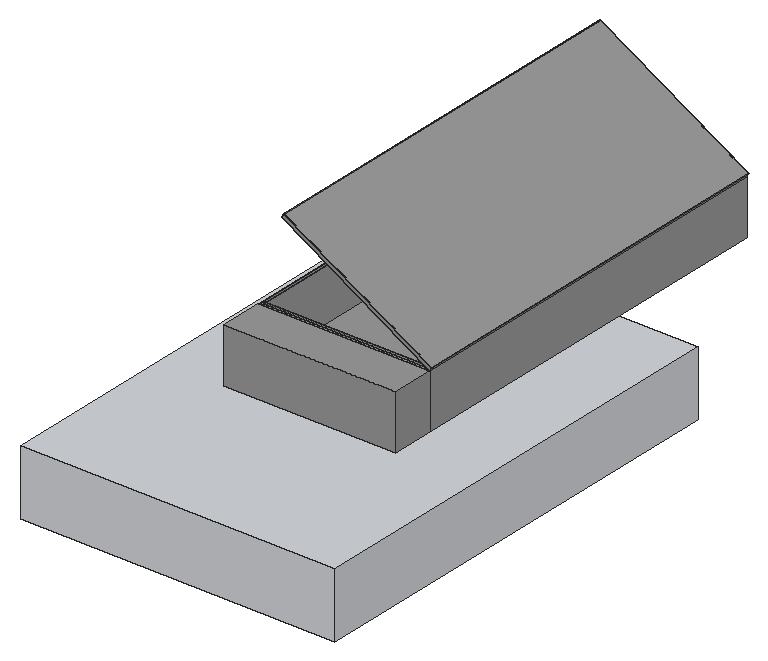
Revit family "Hager-Univers-IP55-D275-H2050-Cl.II-Steel_encl-NoHosted-AT-de", category Equipement électrique, Revit 2020
Family settings
  Hôte = Face
  Configuration du panneau = Deux colonnes, circuits au sein
  Cote de connecteur circulaire = Utiliser le diamètre
  Type d'élément = Tableau de raccordement
  Couper avec des vides une fois chargée = Non
  Partagée = Non
  Point de calcul de pièce = Non
Parameters (values of type "Bodenaufstellung IP55 B800 H2050 T275  - FR23S2")
  Width Control [instance] = if([EF000008 - Breite] > Min Width, [EF000008 - Breite], Min Width)  # 800 mm
  Commentaires du type = [HG000003 - Bereich]  # "Univers"
  Thickness Door [instance] = if([EF009171 - Materialstärke Tür/Deckel] > 3 mm, 3 mm, [EF009171 - Materialstärke Tür/Deckel])  # 1.5 mm
  Seal Frame Offset [instance] = 17 mm  # constant formula
  Plinth Visibility [instance] = [HG000027 - Sockelhöhe] > 0 mm  # yes
  Model = ""
  Min Width [instance] = 100 mm  # constant formula
  Min Height [instance] = 100 mm  # constant formula
  Min Depth [instance] = (2 * [EF009170 - Materialstärke Gehäuse]) + 1 mm  # 4 mm
  Internal Frame Depth [instance] = (Door System Depth * 0.5)  # 9 mm
  Height Control [instance] = if([EF000040 - Höhe] > Min Height, [EF000040 - Höhe], Min Height)  # 2050 mm
  HG000027 - Sockelhöhe = 200 mm
  HG000026 - Stehend auf dem Boden = yes
  HG000024 - Höhe des unteren Teils = 800 mm
  HG000023 - Gehäuse mit doppeltem Querschnitt = no
  HG000016 - 3D-Türsichtbarkeit [instance] = yes
  HG000015 - Sichtbarkeit der Türöffnung [instance] = no
  HG000014 - Tür rechts [instance] = yes
  HG000013 - Tür links [instance] = not([HG000014 - Tür rechts])  # no
  HG000012 - Türschwenkwinkel [instance] = 30.00°
  HG000010 - Asymmetrische Türen = no
  HG000009 - Doppelflügeligen Tür = no
  HG000006 - Unterputz = no
  HG000004 - Herstellerreferenz = "FR23S2"
  HG000003 - Bereich = "Univers"
  HG000002 - Mit tür = yes
  Frame Offset Bottom [instance] = 10 mm  # constant formula
  Frame Offset [instance] = 15 mm  # constant formula
  EF015940 - Deckel mit Überdruckentlastung = no
  EF011959 - Schutzart (NEMA) = ""
  EF009554 - Anzahl der Öffnungen für Flanschplatten = 6
  Fabricant = "Hager"  # constant formula
  EF009212 - Ausführung Deckel = "EV000116 - geschlossen"
  EF009171 - Materialstärke Tür/Deckel = 1.5 mm
  EF009170 - Materialstärke Gehäuse = 1.5 mm
  EF008873 - Nennstrom (In) = 800 A
  EF007800 - Geeignet für Blitzschutz = no
  EF006306 - Mit Schloss = no
  EF006244 - Transparenter Deckel/Tür = no
  EF005474 - Schutzart (IP) = "EV006420 - IP55"
  EF004464 - Art der Tür = "EV002646 - Einzel"
  EF004427 - Anzahl der Module = 432
  EF004293 - Schlagfestigkeit = "EV008784 - IK10"
  EF003532 - Geeignet für Außengebrauch = no
  EF002950 - Breite in Teilungseinheiten = 24
  EF001613 - Funktionserhalt = "EV000494 - ohne"
  EF001596 - Werkstoff des Gehäuses = "EV000179 - Stahl"
  EF001131 - Innentiefe = 275 mm
  EF001088 - Anbaumöglichkeit = yes
  EF000437 - Anzahl der Leitungseinführungen = 6
  EF000339 - Art der Abdeckung = "EV004216 - Tür"
  EF000266 - Anzahl der Reihen = 12
  EF000218 - Einbautiefe = 0 mm
  EF000118 - Mit Montageplatte = no
  EF000116 - RAL-Nummer = "7035"
  EF000049 - Tiefe = 275 mm
  EF000040 - Höhe = 2050 mm
  EF000008 - Breite = 800 mm
  EF000007 - Farbe = "EV000270 - grau"
  EF000003 - Montageart = "EV012274 - Bodenaufstellung"
  Door System Leaf Tolerance [instance] = 1.5 mm  # constant formula
  Door System Depth [instance] = 18 mm  # constant formula
  Door Height [instance] = Height Control - [HG000027 - Sockelhöhe]  # 1850 mm
  Depth Control [instance] = if([EF000049 - Tiefe] > Min Depth, [EF000049 - Tiefe], Min Depth)  # 275 mm
  Default Elevation = 0 mm
  Connector Offset [instance] = Height Control / 2  # 1025 mm
  Bottom Top Plate Trim [instance] = 1.5 mm  # constant formula
  Plinth height Ctrl [instance] = if([HG000027 - Sockelhöhe] > 0 mm, [HG000027 - Sockelhöhe], 12 mm)  # 200 mm
Types (11, lengths in mm): name | Width Control | HG000010 - Asymmetrische Türen | HG000009 - Doppelflügeligen Tür | HG000004 - Herstellerreferenz | EF009554 - Anzahl der Öffnungen für Flanschplatten | EF006244 - Transparenter Deckel/Tür | EF004464 - Art der Tür | EF004427 - Anzahl der Module | EF000437 - Anzahl der Leitungseinführungen | EF000008 - Breite
  Bodenaufstellung IP55 B1050 H2050 T275  - FR24L2 | 1050 | yes | yes | "FR24L2" | 8 | yes | "EV003602 - Doppel" | 576 | 8 | 1050
  Bodenaufstellung IP55 B1050 H2050 T275  - FR24S2 | 1050 | yes | yes | "FR24S2" | 8 | no | "EV003602 - Doppel" | 576 | 8 | 1050
  Bodenaufstellung IP55 B1300 H2050 T275  - FR25L2 | 1300 | yes | yes | "FR25L2" | 10 | yes | "EV003602 - Doppel" | 720 | 10 | 1300
  Bodenaufstellung IP55 B1300 H2050 T275  - FR25S2 | 1300 | yes | yes | "FR25S2" | 10 | no | "EV003602 - Doppel" | 720 | 10 | 1300
  Bodenaufstellung IP55 B1550 H2050 T275  - FR26L2 | 1550 | yes | yes | "FR26L2" | 12 | yes | "EV003602 - Doppel" | 864 | 12 | 1550
  Bodenaufstellung IP55 B1550 H2050 T275  - FR26S2 | 1550 | yes | yes | "FR26S2" | 12 | no | "EV003602 - Doppel" | 864 | 12 | 1550
  Bodenaufstellung IP55 B300 H2050 T275  - FR21S2 | 300 | no | no | "FR21S2" | 2 | no | "EV002646 - Einzel" | 144 | 2 | 300
  Bodenaufstellung IP55 B550 H2050 T275  - FR22L2 | 550 | no | no | "FR22L2" | 4 | yes | "EV002646 - Einzel" | 288 | 4 | 550
  Bodenaufstellung IP55 B550 H2050 T275  - FR22S2 | 550 | no | no | "FR22S2" | 4 | no | "EV002646 - Einzel" | 288 | 4 | 550
  Bodenaufstellung IP55 B800 H2050 T275  - FR23L2 | 800 | no | no | "FR23L2" | 6 | yes | "EV002646 - Einzel" | 432 | 6 | 800
  Bodenaufstellung IP55 B800 H2050 T275  - FR23S2 | 800 | no | no | "FR23S2" | 6 | no | "EV002646 - Einzel" | 432 | 6 | 800
Reference planes
  plane 1 "Center (Front/Back)": y = 0
  plane 2: z = 0
  plane 3 "Center (Left/Right)": x = 0
  plane 4: z = 275
  plane 5: y = 201.5
  plane 6: y = 1125
  plane 7: y = 200
  plane 8: y = 2050
  plane 9: z = 0
  plane 10: x = -385
  plane 11: x = 385
  plane 12: x = 383.5
  plane 13: x = -383.5
  plane 14: y = 2048.5
  plane 15: x = -383
  plane 16: x = -400
  plane 17: x = 383
  plane 18: x = 400
  plane 19: x = 398.5
  plane 20: x = -398.5
  plane 21: y = 211.5
  plane 22: y = 2050
  plane 23: y = 2033.5
  plane 24: z = 257
  plane 25: z = 1.5
  plane 26: z = 255.5
  plane 27: z = 273.5
Forms (mm)
  Extrusion 1, solid
    sketch origin (0, 0, 0) x (1, 0, 0) y (0, 1, 0)
      loop
        line (-702.964, 1305) -> (-702.964, -811.445) -> (766.763, -811.445) -> (766.763, 1305) -> (-702.964, 1305)
    from 0 to -304.8
  Extrusion 2, solid, material "Hager_Steel_RAL7035_Light_Grey", visible <- "Plinth Visibility", detail levels medium+fine
    sketch origin (0, 0, 0) x (1, 0, 0) y (0, 1, 0)
      loop
        line (-400, 0) -> (400, 0) -> (400, 200) -> (-400, 200) -> (-400, 0)
    from 0 to 257
  Extrusion 3, solid, material "Hager_Steel_RAL7035_Light_Grey", detail levels medium+fine
    sketch origin (0, 0, 0) x (1, 0, 0) y (0, 1, 0)
      loop
        line (-400, 200) -> (400, 200) -> (400, 2050) -> (-400, 2050) -> (-400, 200)
    from 0 to 257
  Extrusion 4, void
    sketch origin (0, 0, 0) x (1, 0, 0) y (0, 1, 0)
      loop
        line (-398.5, 201.5) -> (398.5, 201.5) -> (398.5, 2048.5) -> (-398.5, 2048.5) -> (-398.5, 201.5)
    from 1.5 to 255.5
  Extrusion 5, void
    sketch origin (-381.607, -4572, 257) x (0, -1, 0) y (-1, 0, 0)
      loop
        line (-4783.5, 1.893) -> (-6605.5, 1.893) -> (-6605.5, -765.107) -> (-4783.5, -765.107) -> (-4783.5, 1.893)
    from 0 to 1.5 <- "EF009170 - Materialstärke Gehäuse"
  Extrusion 6, solid, material "Hager_Steel_RAL7035_Light_Grey", detail levels fine
    sketch origin (0, 0, 257) x (1, 0, 0) y (0, 1, 0)
      loop
        line (-383.5, 2033.5) -> (-383.5, 211.5) -> (383.5, 211.5) -> (383.5, 2033.5) -> (-383.5, 2033.5)
      loop
        line (-385, 210) -> (385, 210) -> (385, 2035) -> (-385, 2035) -> (-385, 210)
    from 0 to 9 <- "Internal Frame Depth"
  Extrusion 7, solid, material "Hager_Steel_RAL7035_Light_Grey", detail levels coarse
    sketch origin (0, 0, 0) x (1, 0, 0) y (0, 1, 0)
      loop
        line (-400, 0) -> (400, 0) -> (400, 2050) -> (-400, 2050) -> (-400, 0)
    from 0 to 275
  Sweep 8, void
    path in 3D
      loop
        line (-400, 200, 0) -> (400, 200, 0) -> (400, 200, 257) -> (-400, 200, 257) -> (-400, 200, 0)
    profile origin (-400, 200, 128.5) x (-1, 0, 0) y (0, -1, 0)
      loop
        line (0, 0) -> (0, 1.5) -> (-1.5, 1.5)
        arc (-1.5, 1.5) -> (-1.061, 0.439) -> (0, 0) r 1.5
Cuts and joins
  Extrusion 4, Extrusion 5 cuts Extrusion 3
  Sweep 8 cuts Extrusion 2
Lines and regions (mm)
  Masking region 1
    outline origin (0, 0, 0) x (1, 0, 0) y (0, 0, 1)
      loop
        line (-400, 275) -> (-400, 0) -> (400, 0) -> (400, 275) -> (-400, 275)
  Masking region 2, detail levels medium+fine
    outline origin (0, 140, 0) x (0, 1, 0) y (0, 0, 1)
      loop
        line (60, 0) -> (1910, 0) -> (1910, 257) -> (60, 257) -> (60, 0)
  Masking region 3, not visible, detail levels medium+fine
    outline origin (0, 297.922, 0) x (0, 1, 0) y (0, 0, 1)
      loop
        line (838.578, 0) -> (878.578, 0) -> (878.578, 263.5)
        arc (878.578, 263.5) -> (875.649, 270.571) -> (868.578, 273.5) r 10
        line (868.578, 273.5) -> (838.578, 273.5) -> (838.578, 0)
  Masking region 4, detail levels coarse
    outline origin (0, 0, 180) x (0, 1, 0) y (0, 0, 1)
      loop
        line (0, -180) -> (2050, -180) -> (2050, 95) -> (0, 95) -> (0, -180)
  Masking region 5, visible <- "Plinth Visibility", detail levels medium+fine
    outline origin (0, 52.24, 12.345) x (0, 0, -1) y (0, 1, 0)
      loop
        line (10.845, 147.76) -> (-243.155, 147.76)
        arc (-243.155, 147.76) -> (-243.594, 146.699) -> (-244.655, 146.26) r 1.5
        line (-244.655, 146.26) -> (-244.655, -52.24) -> (12.345, -52.24) -> (12.345, 146.26)
        arc (12.345, 146.26) -> (11.285, 146.699) -> (10.845, 147.76) r 1.5
  Masking region 6, detail levels medium+fine
    outline origin (-381.607, -4572, 257) x (-1, 0, 0) y (0, -1, 0)
      loop
        line (18.393, -6622) -> (18.393, -4772) -> (-781.607, -4772) -> (-781.607, -6622) -> (18.393, -6622)
  Masking region 7, visible <- "Plinth Visibility", detail levels medium+fine
    outline origin (-381.607, -4727, 257) x (-1, 0, 0) y (0, -1, 0)
      loop
        arc (16.893, -4927) -> (17.332, -4925.939) -> (18.393, -4925.5) r 1.5
        line (18.393, -4925.5) -> (18.393, -4727) -> (-781.607, -4727) -> (-781.607, -4925.5)
        arc (-781.607, -4925.5) -> (-780.546, -4925.939) -> (-780.107, -4927) r 1.5
        line (-780.107, -4927) -> (16.893, -4927)
  Masking region 8, detail levels coarse
    outline origin (-442.548, -4669.526, 257) x (-1, 0, 0) y (0, -1, 0)
      loop
        line (-42.548, -6719.526) -> (-42.548, -4669.526) -> (-842.548, -4669.526) -> (-842.548, -6719.526) -> (-42.548, -6719.526)
  sketch lines
    curve 1: line (-400, 200, 257) -> (-400, 200, 0)
    curve 2: line (400, 200, 257) -> (-400, 200, 257)
    curve 3: line (400, 200, 257) -> (400, 200, 0)
    curve 4: line (-400, 200, 0) -> (400, 200, 0)
Dimensions and locks
  "Depth Control": plane 4 to Extrusion 1
  "HG000027 - Sockelhöhe": plane 1 "Center (Front/Back)" to plane 7
  "EF009170 - Materialstärke Gehäuse": plane 5 to plane 7
  locked: connector elem to plane 3 "Center (Left/Right)"
  equal spacing: plane 8, plane 6, plane 7
  locked: connector elem to plane 6
  "EF009170 - Materialstärke Gehäuse": plane 8 to plane 14
  "EF009170 - Materialstärke Gehäuse": plane 10 to plane 13
  "EF009170 - Materialstärke Gehäuse": plane 12 to plane 11
  "Frame Offset": plane 20 to plane 13
  "Frame Offset": plane 12 to plane 19
  "EF009170 - Materialstärke Gehäuse": plane 16 to plane 20
  "EF009170 - Materialstärke Gehäuse": plane 19 to plane 18
  "Seal Frame Offset": plane 16 to plane 15
  "Seal Frame Offset": plane 17 to plane 18
  "Frame Offset Bottom": plane 21 to plane 5
  "Frame Offset": plane 14 to plane 23
  equal spacing: plane 16, plane 3 "Center (Left/Right)", plane 18
  "Width Control": plane 16 to plane 18
  "EF009170 - Materialstärke Gehäuse": plane 4 to plane 27
  "EF009170 - Materialstärke Gehäuse": plane 24 to plane 26
  "EF009170 - Materialstärke Gehäuse": plane 25 to level
  "Door System Depth": plane 4 to plane 24
  "Height Control": plane 1 "Center (Front/Back)" to Extrusion 7 sketch curve
  "Height Control": Masking region 4 sketch curve to plane 1 "Center (Front/Back)"
  "Height Control": plane 1 "Center (Front/Back)" to plane 22
  "Bottom Top Plate Trim": profile plane to Sweep 8 sketch curve
  "Bottom Top Plate Trim": Sweep 8 sketch curve to profile plane
  "Plinth height Ctrl": plane 1 "Center (Front/Back)" to Extrusion 2 sketch curve
  "Plinth height Ctrl": Masking region 5 sketch curve to plane 1 "Center (Front/Back)"
  "Plinth height Ctrl": plane 1 "Center (Front/Back)" to Masking region 7 sketch curve
  "Thickness Door": Extrusion 6 sketch curve to Extrusion 6 sketch curve  (x3)
  "Thickness Door": cut or joined group of Extrusion 3, Extrusion 4, Extrusion 5 to Extrusion 6 sketch curve
  radius of Masking region 3 sketch curve = 10 mm
  "Bottom Top Plate Trim": radius of Masking region 5 sketch curve  (x2)
  "Bottom Top Plate Trim": radius of Sweep 8 sketch curve
  "Bottom Top Plate Trim": radius of Masking region 7 sketch curve  (x2)
  aligned and locked: plane 2 to Extrusion 1
  aligned and locked: level to Extrusion 1
  aligned and locked: level to Masking region 1 sketch curve
  aligned and locked: Masking region 1 sketch curve to plane 18
  aligned and locked: Masking region 1 sketch curve to plane 16
  aligned and locked: plane 7 to Masking region 2 sketch curve
  aligned and locked: level to Masking region 3 sketch curve
  aligned and locked: Masking region 3 sketch curve to plane 27
  aligned and locked: level to Masking region 2 sketch curve
  aligned and locked: plane 1 "Center (Front/Back)" to Extrusion 2 sketch curve
  aligned and locked: Extrusion 3 sketch curve to plane 7
  aligned and locked: plane 16 to Extrusion 3 sketch curve
  aligned and locked: plane 18 to Extrusion 3 sketch curve
  aligned and locked: plane 20 to Extrusion 4 sketch curve
  aligned and locked: plane 19 to Extrusion 4 sketch curve
  aligned and locked: Extrusion 4 sketch curve to plane 5
  aligned and locked: Extrusion 4 to plane 25
  aligned and locked: plane 26 to Extrusion 4
  aligned and locked: plane 24 to Extrusion 3
  aligned and locked: Extrusion 5 sketch curve to plane 21
  aligned and locked: Extrusion 5 sketch curve to plane 13
  aligned and locked: Extrusion 5 sketch curve to plane 12
  aligned and locked: plane 18 to Extrusion 7 sketch curve
  aligned and locked: plane 1 "Center (Front/Back)" to Extrusion 7 sketch curve
  aligned and locked: plane 16 to Extrusion 7 sketch curve
  aligned and locked: plane 4 to Extrusion 7
  aligned and locked: Extrusion 7 to level
  aligned and locked: level to Masking region 4 sketch curve
  aligned and locked: Masking region 4 sketch curve to plane 1 "Center (Front/Back)"
  aligned and locked: Masking region 4 sketch curve to plane 4
  aligned and locked: nested 1 to level
  aligned and locked: nested 1 to plane 16
  aligned and locked: plane 8 to Extrusion 3 sketch curve
  aligned and locked: plane 23 to Extrusion 5 sketch curve
  aligned and locked: plane 14 to Extrusion 4 sketch curve
  aligned and locked: Masking region 2 sketch curve to plane 8
  aligned and locked: level to Masking region 5 sketch curve
  aligned and locked: plane 16 to Extrusion 2 sketch curve
  aligned and locked: plane 18 to Extrusion 2 sketch curve
  aligned and locked: Masking region 5 sketch curve to plane 24
  aligned and locked: Masking region 2 sketch curve to plane 24
  aligned and locked: plane 24 to Extrusion 2
  aligned and locked: profile plane to Sweep 8 sketch curve  (x2)
  aligned and locked: Masking region 6 sketch curve to plane 18
  aligned and locked: Masking region 6 sketch curve to plane 22
  aligned and locked: Masking region 6 sketch curve to plane 16
  aligned and locked: plane 8 to plane 22
  aligned and locked: Masking region 6 sketch curve to plane 7
  aligned and locked: Masking region 7 sketch curve to plane 16
  aligned and locked: Masking region 7 sketch curve to plane 1 "Center (Front/Back)"
  aligned and locked: Masking region 7 sketch curve to plane 18
  aligned and locked: Masking region 8 sketch curve to plane 1 "Center (Front/Back)"
  aligned and locked: Masking region 8 sketch curve to plane 18
  aligned and locked: Masking region 8 sketch curve to plane 22
  aligned and locked: Masking region 8 sketch curve to plane 16
  aligned and locked: nested 2 to plane 7
  aligned and locked: plane 3 "Center (Left/Right)" to nested 2
  aligned and locked: nested 2 to plane 24
  aligned and locked: Extrusion 6 sketch curve to cut or joined group of Extrusion 3, Extrusion 4, Extrusion 5  (x4)
Automatic sketch dimensions
  Extrusion 1 sketch curve to Extrusion 1 sketch curve = 1469.727 mm
  Extrusion 1 sketch curve to Extrusion 1 sketch curve = 2116.445 mm
  Masking region 1 sketch curve to plane 4 = 0 mm
  plane 6 to Masking region 3 sketch curve = 11.5 mm
  Masking region 3 sketch curve to Masking region 3 sketch curve = 30 mm
  Masking region 5 sketch curve to plane 1 "Center (Front/Back)" = 0 mm
Nested families
  nested 1: "Hager_Enclosure_Symbol" at (-400, 0, 0) x (1, 0, 0) z (0, -1, 0), Height <- "Depth Control", Width <- "Width Control", type "Hager_Enclosure_Symbol"
    with Width_Ctrl 800 mm, Width 800 mm, Height_Ctrl 275 mm, Height 275 mm, A_Width_Int 18.047 mm, A_Width 216.562 mm, A_Height_Ctrl 240.625 mm, A_Height 240.625 mm
  nested 2: "EC000058_Univers_Door" at (0, 200, 257) x (1, 0, 0) z (0, 1, 0), Leaf_Tolerance <- "Door System Leaf Tolerance", Angle <- "HG000012 - Türschwenkwinkel", Door_Depth <- "Door System Depth", Door_Left <- "HG000013 - Tür links", Transparent <- "EF006244 - Transparenter Deckel/Tür", Assymetrical <- "HG000010 - Asymmetrische Türen", Width <- "Width Control", Clearance <- "HG000015 - Sichtbarkeit der Türöffnung", Double <- "HG000009 - Doppelflügeligen Tür", 3d_Door <- "HG000016 - 3D-Türsichtbarkeit", Lock_Visibility <- "EF006306 - Mit Schloss", Width_Ctrl <- "Width Control", Door_Right <- "HG000014 - Tür rechts", Door <- "HG000002 - Mit tür", Height <- "Door Height", Thickness <- "Thickness Door", type "EC000058_Univers_Door", detail levels medium+fine
    with min_wh 4 mm, Width_Ctrl 800 mm, Width 800 mm, Transparent no, Thickness 1.5 mm, Seal_Material Hager_Rubber, Lock_Visibility no, Lock_Material Hager_Plastic_RAL9005_Jet_Black, Leaf_Width 800 mm, Leaf_Tolerance_External_Sides 0 mm, Leaf_Tolerance 1.5 mm, Leaf_Offset 0 mm, Leaf_Height 1847 mm, Leaf_2_Width 800 mm, Leaf_2_Offset 400 mm, Leaf_1_Width 800 mm, Leaf_1_Offset 400 mm, Height_Ctrl 1850 mm, Height 1850 mm, Glass_Material Hager_Glass, Double_Clearance_Ctrl no, Double no, Door_Right_Ctrl yes, Door_Right yes, Door_Material Hager_Steel_RAL7035_Light_Grey, Door_Left_Ctrl no, Door_Left no, Door_Depth 18 mm, Door yes, Clearance_Material Hager_Clearance, Clearance_Depth 800 mm, Clearance_Ctrl no, Clearance no, Assymetrical no, Angle 30.00°, 3d_Door yes
Connectors
  electrical at (0, 1125, 0)
    settings: on plane 9, index 1, voltage 0 V, apparent load 0 VA, apparent load phase1 0 VA, apparent load phase2 0 VA, apparent load phase3 0 VA, power factor 1, load classification "Other", number of poles 1, system type 30, power factor state 1, is connector primary yes, connector utility no, sub classification motor no, connector description ""
Definition of nested family "EC000058_Univers_Door"
  Parameters (values of type "EC000058_Univers_Door")
    min_wh [instance] = (2 * Thickness) + 1 mm  # 11 mm
    Width_Ctrl [instance] = 400 mm
    Width [instance] = 500 mm
    Transparent [instance] = yes
    Thickness [instance] = 5 mm
    Seal_Material [instance] = none
    Lock_Visibility [instance] = yes
    Lock_Material [instance] = none
    Leaf_Width [instance] = if((Width_Ctrl - 2 * Leaf_Tolerance_External_Sides) > 0 mm, (Width_Ctrl - 2 * Leaf_Tolerance_External_Sides), min_wh)  # 400 mm
    Leaf_Tolerance_External_Sides [instance] = 0 mm  # constant formula
    Leaf_Tolerance [instance] = 1.5 mm
    Leaf_Offset [instance] = 0 mm  # constant formula
    Leaf_Height [instance] = if((Height_Ctrl - 2 * Leaf_Tolerance) > 0 mm, (Height_Ctrl - 2 * Leaf_Tolerance), min_wh)  # 497 mm
    Leaf_2_Width [instance] = if(and(and(Double, Assymetrical), Door_Left), (Leaf_Width / 3) - (Leaf_Tolerance / 2), if(and(and(Double, Assymetrical), Door_Right), (Leaf_Width / 3) * 2 - (Leaf_Tolerance / 2), if(and(Double, not(Assymetrical)), (Leaf_Width / 2) - Leaf_Tolerance, Leaf_Width)))  # 400 mm
    Leaf_2_Offset [instance] = if(and(Double, Assymetrical), Leaf_2_Width / 2, if(and(Double, not(Assymetrical)), Leaf_Width / 4, Leaf_Width / 2))  # 200 mm
    Leaf_1_Width [instance] = if(and(and(Double, Assymetrical), Door_Right), (Leaf_Width / 3) - (Leaf_Tolerance / 2), if(and(and(Double, Assymetrical), Door_Left), (Width / 3) * 2 - (Leaf_Tolerance / 2), if(and(Double, not(Assymetrical)), (Leaf_Width / 2) - Leaf_Tolerance, Leaf_Width)))  # 400 mm
    Leaf_1_Offset [instance] = if(and(Double, Assymetrical), Leaf_1_Width / 2, if(and(Double, not(Assymetrical)), Leaf_Width / 4, Leaf_Width / 2))  # 200 mm
    Height_Ctrl [instance] = if(Height > min_wh, Height, min_wh)  # 500 mm
    Height [instance] = 500 mm
    Glass_Material [instance] = none
    Double_Clearance_Ctrl [instance] = and(Double, Clearance)  # no
    Double [instance] = no
    Door_Right_Ctrl [instance] = and(or(Door_Right, Double), Door)  # yes
    Door_Right [instance] = yes
    Door_Material [instance] = none
    Door_Left_Ctrl [instance] = and(or(Door_Left, Double), Door)  # no
    Door_Left [instance] = no
    Door_Depth [instance] = 30 mm
    Door [instance] = yes
    Default Elevation = 1219.2 mm
    Clearance_Material [instance] = none
    Clearance_Depth [instance] = if(Leaf_1_Width > Leaf_2_Width, Leaf_1_Width, Leaf_2_Width)  # 400 mm
    Clearance_Ctrl [instance] = and(not(Double), Clearance)  # yes
    Clearance [instance] = yes
    Assymetrical [instance] = yes
    Angle [instance] = 30.00°
    3d_Door [instance] = yes
  Reference planes
    plane 1 "Center (Front/Back)": y = 0
    plane 2 "Bottom": z = 0
    plane 3 "Center (Left/Right)": x = 0
    plane 4: z = 500
    plane 5: x = -200
    plane 6: x = 200
    plane 7: z = 500
    plane 8: x = -200
    plane 9: z = 0
    plane 10: x = 200
    plane 11: y = 0
    plane 12: z = 1.5
    plane 13: x = -600
    plane 14: y = -400
    plane 15: x = 600
    plane 16: x = 0
    plane 17: x = 0
    plane 18: x = -200
    plane 19: x = 200
    plane 20: z = 498.5
  Forms (mm)
    Extrusion 1, solid, material <- "Clearance_Material", visible <- "Double_Clearance_Ctrl"
      sketch origin (1200, 0, 0) x (1, 0, 0) y (0, 0, -1)
        loop
          line (-1800, -498.5) -> (-600, -498.5) -> (-600, 0) -> (-1800, 0) -> (-1800, -498.5)
      from 0 to -400
  Dimensions and locks
    equal spacing: plane 5, plane 3 "Center (Left/Right)", plane 6
    "Width_Ctrl": plane 5 to plane 6
    "Leaf_Offset": plane 5 to plane 8
    "Leaf_Offset": plane 6 to plane 10
    "Leaf_Offset": plane 9 to level
    "Leaf_Offset": plane 4 to plane 7
    "Height_Ctrl": plane 4 to level
    "Leaf_Tolerance": plane 12 to plane 9
    locked: plane 11 to plane 1 "Center (Front/Back)"
    "Leaf_1_Offset": plane 18 to plane 16
    "Leaf_2_Offset": plane 17 to plane 19
    "Leaf_1_Width": plane 13 to plane 8
    "Leaf_2_Width": plane 10 to plane 15
    "Clearance_Depth": plane 14 to plane 1 "Center (Front/Back)"
    "Leaf_Tolerance_External_Sides": plane 8 to plane 18
    "Leaf_Tolerance_External_Sides": plane 19 to plane 10
    "Leaf_Tolerance": plane 7 to plane 20
    aligned and locked: level to plane 2 "Bottom"
    aligned and locked: nested 1 to plane 16
    aligned and locked: nested 2 to plane 17
    aligned and locked: Extrusion 1 to plane 13
    aligned and locked: plane 15 to Extrusion 1
    aligned and locked: Extrusion 1 to plane 14
    aligned and locked: plane 12 to nested 1
    aligned and locked: nested 2 to plane 12
    aligned and locked: Extrusion 1 to plane 11
    aligned and locked: plane 20 to Extrusion 1
    aligned and locked: nested 2 to plane 11
    aligned and locked: nested 1 to plane 11
  Automatic sketch dimensions
    Extrusion 1 sketch curve to level = 0 mm
    plane 5 to Extrusion 1 sketch curve = 400 mm
    plane 6 to Extrusion 1 sketch curve = 400 mm
    Extrusion 1 sketch curve to plane 4 = 1.5 mm
  Nested families
    nested 1: "EC000058_Univers_Door_Leaf" at (0, 0, 1.5), Width <- "Leaf_1_Width", visible <- "Door_Left_Ctrl", Leaf_Height <- "Leaf_Height", Angle <- "Angle", 3d_Door <- "3d_Door", Transparent <- "Transparent", Clearance Material <- "Clearance_Material", Clearance <- "Clearance_Ctrl", Door_Material <- "Door_Material", Glass_Material <- "Glass_Material", Door_Depth <- "Door_Depth", Lock_Material <- "Lock_Material", Seal_Material <- "Seal_Material", Lock_Visibility <- "Lock_Visibility", Thickness <- "Thickness", type "EC000058_Univers_Door_Leaf"
      with Width 400 mm, Transparent_Glass_Offset 30 mm, Transparent_Ctrl yes, Transparent yes, Thickness 5 mm, Standard no, Seal_Material none, Seal_D2 8 mm, Seal_D1 1 mm, Offset_Internal_Frame 10 mm, Lock_Width 20 mm, Lock_Visibility_3d yes, Lock_Visibility yes, Lock_Thickness_3 3 mm, Lock_Thickness_2 1 mm, Lock_Thickness_1 3 mm, Lock_Radius_Offset_2 16 mm, Lock_Radius_Offset_1 15 mm, Lock_Radius_2 5 mm, Lock_Radius 6 mm, Lock_Offset 5 mm, Lock_Material none, Lock_Height 80 mm, Lock_Cover_Top_Offset_2d 17 mm, Lock_Cover_Height -65 mm, Leaf_Height 497 mm, Internal_Seal_Thickness 8 mm, Internal_Seal_Depth_2 4.5 mm, Internal_Frame_Depth 25 mm, Glass_Thickness -1 mm, Glass_Offset -2 mm, Glass_Material none, Door_Material none, Door_Depth 30 mm, Clearance Material none, Clearance yes, Angle_Ctrl 30.00°, Angle 30.00°, 3d_Door yes
    nested 2: "EC000058_Univers_Door_Leaf" at (0, 0, 1.5) x (-1, 0, 0) z (0, 0, 1), Width <- "Leaf_2_Width", visible <- "Door_Right_Ctrl", Leaf_Height <- "Leaf_Height", Angle <- "Angle", 3d_Door <- "3d_Door", Transparent <- "Transparent", Clearance Material <- "Clearance_Material", Clearance <- "Clearance_Ctrl", Door_Material <- "Door_Material", Glass_Material <- "Glass_Material", Door_Depth <- "Door_Depth", Lock_Material <- "Lock_Material", Seal_Material <- "Seal_Material", Lock_Visibility <- "Lock_Visibility", Thickness <- "Thickness", type "EC000058_Univers_Door_Leaf"
      with Width 400 mm, Transparent_Glass_Offset 30 mm, Transparent_Ctrl yes, Transparent yes, Thickness 5 mm, Standard no, Seal_Material none, Seal_D2 8 mm, Seal_D1 1 mm, Offset_Internal_Frame 10 mm, Lock_Width 20 mm, Lock_Visibility_3d yes, Lock_Visibility yes, Lock_Thickness_3 3 mm, Lock_Thickness_2 1 mm, Lock_Thickness_1 3 mm, Lock_Radius_Offset_2 16 mm, Lock_Radius_Offset_1 15 mm, Lock_Radius_2 5 mm, Lock_Radius 6 mm, Lock_Offset 5 mm, Lock_Material none, Lock_Height 80 mm, Lock_Cover_Top_Offset_2d 17 mm, Lock_Cover_Height -65 mm, Leaf_Height 497 mm, Internal_Seal_Thickness 8 mm, Internal_Seal_Depth_2 4.5 mm, Internal_Frame_Depth 25 mm, Glass_Thickness -1 mm, Glass_Offset -2 mm, Glass_Material none, Door_Material none, Door_Depth 30 mm, Clearance Material none, Clearance yes, Angle_Ctrl 30.00°, Angle 30.00°, 3d_Door yes
  Definition of nested family "EC000058_Univers_Door_Leaf"
    Parameters (values of type "EC000058_Univers_Door_Leaf")
      Width [instance] = 2000 mm
      Transparent_Glass_Offset [instance] = 30 mm
      Transparent_Ctrl [instance] = and(Transparent, [3d_Door])  # yes
      Transparent [instance] = yes
      Thickness [instance] = 5 mm
      Standard [instance] = and(not(Transparent), [3d_Door])  # no
      Seal_Material [instance] = none
      Seal_D2 [instance] = 8 mm  # constant formula
      Seal_D1 [instance] = 1 mm  # constant formula
      Offset_Internal_Frame [instance] = 10 mm  # constant formula
      Lock_Width [instance] = 20 mm  # constant formula
      Lock_Visibility_3d [instance] = and(Lock_Visibility, [3d_Door])  # yes
      Lock_Visibility [instance] = yes
      Lock_Thickness_3 [instance] = 3 mm  # constant formula
      Lock_Thickness_2 [instance] = 1 mm  # constant formula
      Lock_Thickness_1 [instance] = 3 mm  # constant formula
      Lock_Radius_Offset_2 [instance] = Lock_Radius_Offset_1 + 1 mm  # 16 mm
      Lock_Radius_Offset_1 [instance] = 15 mm  # constant formula
      Lock_Radius_2 [instance] = Lock_Radius - 1 mm  # 5 mm
      Lock_Radius [instance] = 6 mm  # constant formula
      Lock_Offset [instance] = 5 mm  # constant formula
      Lock_Material [instance] = none
      Lock_Height [instance] = 80 mm  # constant formula
      Lock_Cover_Top_Offset_2d [instance] = Lock_Radius_Offset_2 + 1 mm  # 17 mm
      Lock_Cover_Height [instance] = -(Lock_Height - Lock_Radius_Offset_1)  # -65 mm
      Leaf_Height [instance] = 2720.336 mm
      Internal_Seal_Thickness [instance] = 8 mm  # constant formula
      Internal_Seal_Depth_2 [instance] = 4.5 mm  # constant formula
      Internal_Frame_Depth [instance] = if(Door_Depth - Thickness > 5 mm, Door_Depth - Thickness, 5 mm)  # 25 mm
      Glass_Thickness [instance] = if(Thickness > 15 mm, Glass_Offset + 10 mm, -1 mm)  # -1 mm
      Glass_Offset [instance] = if(Thickness > 15 mm, -(Thickness + 10 mm) / 2, -2 mm)  # -2 mm
      Glass_Material [instance] = none
      Door_Material [instance] = none
      Door_Depth [instance] = 30 mm
      Default Elevation = 0 mm
      Clearance Material [instance] = none
      Clearance [instance] = yes
      Angle_Ctrl [instance] = if(Angle > 180.00°, 180.00°, Angle)  # 90.00°
      Angle [instance] = 90.00°
      3d_Door [instance] = yes
    Reference planes
      plane 1 "Center (Front/Back)": y = 0
      plane 2: z = 0
      plane 3 "Center (Left/Right)": x = 0
      plane 4: y = 2000
      plane 5: x = -1000
      plane 6: x = 1000
      plane 7: x = -3000
      plane 8: z = 2720.336
      plane 9: z = 30
      plane 10: z = 2690.336
      plane 11: x = 970
      plane 12: x = -970
      plane 13: y = -3
      plane 14: z = 107.833
      plane 15: y = -5
      plane 16: y = -223.314
      plane 17: x = -1000
      plane 18: z = 1360.168
      plane 19: y = 30
    Forms (mm)
      Extrusion 1, solid, material <- "Clearance Material", visible <- "Clearance"
        sketch origin (0, 0, 0) x (1, 0, 0) y (0, 0, 1)
          loop
            line (-3000, 2720.336) -> (-3000, 0) -> (1000, 0) -> (1000, 2720.336) -> (-3000, 2720.336)
        from 0 to -2000
      Extrusion 2, solid, material <- "Door_Material", visible <- "Standard", detail levels medium+fine
        sketch origin (-1000, 0, 0) x (0, 1, 0) y (-1, 0, 0)
          loop
            line (0, 30) -> (0, 25) -> (2000, 25) -> (2000, 30) -> (0, 30)
        from 0 to 2720.336 <- "Leaf_Height"
      Extrusion 3, solid, material <- "Door_Material", visible <- "Transparent_Ctrl", detail levels medium+fine
        sketch origin (-1000, 0, 0) x (0, 1, 0) y (-1, 0, 0)
          loop
            line (0, 25) -> (2000, 25) -> (2000, 30) -> (0, 30) -> (0, 25)
        from 0 to 2720.336 <- "Leaf_Height"
      Extrusion 4, void
        sketch origin (-1025, 2000, 0) x (0, 1, 0) y (0, 0, -1)
          loop
            line (-30, -2690.336) -> (-30, -30) -> (-1970, -30) -> (-1970, -2690.336) -> (-30, -2690.336)
        from 0 to 5 <- "Thickness"
      Sweep 5, solid, material <- "Seal_Material", visible <- "Transparent_Ctrl", detail levels fine
        path in 3D
          loop
            line (-1025, 30, 30) -> (-1025, 30, 2690.336) -> (-1025, 1970, 2690.336) -> (-1025, 1970, 30) -> (-1025, 30, 30)
        profile origin (-1025, 1000, 30) x (1, 0, 0) y (0, 0, 1)
          loop
            line (0, 0) -> (0, -8) -> (1, -8) -> (1, 0) -> (0, 0)
      Extrusion 6, solid, material <- "Glass_Material", visible <- "Transparent_Ctrl", detail levels medium+fine
        sketch origin (-1030, 0, 0) x (0, 1, 0) y (0, 0, -1)
          loop
            line (1970, -2690.336) -> (1970, -30) -> (30, -30) -> (30, -2690.336) -> (1970, -2690.336)
        from -2 <- "Glass_Offset" to -1 <- "Glass_Thickness"
      Extrusion 7, solid, material <- "Door_Material", visible <- "3d_Door", detail levels medium+fine
        sketch origin (-1025, 2000, 0) x (0, -1, 0) y (0, 0, -1)
          loop
            line (0, -2720.336) -> (2000, -2720.336) -> (2000, 0) -> (0, 0) -> (0, -2720.336)
          loop
            line (1995, -5) -> (5, -5) -> (5, -2715.336) -> (1995, -2715.336) -> (1995, -5)
        from 0 to 25 <- "Internal_Frame_Depth"
      Sweep 8, solid, material <- "Seal_Material", visible <- "Transparent_Ctrl", detail levels fine
        path in 3D
          loop
            line (-1025, 0, 0) -> (-1025, 2000, 0) -> (-1025, 2000, 2720.336) -> (-1025, 0, 2720.336) -> (-1025, 0, 0)
        profile origin (-1025, 0, 1360.168) x (1, 0, 0) y (0, 1, 0)
          loop
            line (0, 10) -> (2.975, 10)
            arc (2.975, 10) -> (4.053, 10.447) -> (4.5, 11.525) r 1.525
            line (4.5, 11.525) -> (4.5, 16.527)
            arc (4.5, 16.527) -> (4.069, 17.569) -> (3.027, 18) r 1.473
            line (3.027, 18) -> (0, 18) -> (0, 10)
      Extrusion 9, solid, material <- "Lock_Material", visible <- "Lock_Visibility_3d", detail levels fine
        sketch origin (-1030, 0, 0) x (0, 1, 0) y (0, 0, -1)
          loop
            arc (1993.5, -1400.168) -> (1994.561, -1399.729) -> (1995, -1398.668) r 1.5
            line (1995, -1398.668) -> (1995, -1320.168) -> (1975, -1320.168) -> (1975, -1398.668)
            arc (1975, -1398.668) -> (1975.439, -1399.729) -> (1976.5, -1400.168) r 1.5
            line (1976.5, -1400.168) -> (1993.5, -1400.168)
        from 3 <- "Lock_Thickness_1" to 0
      Blend 10, solid, material <- "Lock_Material", visible <- "Lock_Visibility_3d", detail levels fine
        base sketch origin (-1033, 0, 0) x (0, 1, 0) y (0, 0, -1)
          loop
            line (1975, -1320.168) -> (1975, -1398.668)
            arc (1975, -1398.668) -> (1975.439, -1399.729) -> (1976.5, -1400.168) r 1.5
            line (1976.5, -1400.168) -> (1993.5, -1400.168)
            arc (1993.5, -1400.168) -> (1994.561, -1399.729) -> (1995, -1398.668) r 1.5
            line (1995, -1398.668) -> (1995, -1320.168) -> (1975, -1320.168)
        top sketch origin (-1033, 0, 0) x (0, 1, 0) y (0, 0, -1)
          loop
            line (1976, -1320.168) -> (1976, -1398.668)
            arc (1976, -1398.668) -> (1976.146, -1399.022) -> (1976.5, -1399.168) r 0.5
            line (1976.5, -1399.168) -> (1993.5, -1399.168)
            arc (1993.5, -1399.168) -> (1993.854, -1399.022) -> (1994, -1398.668) r 0.5
            line (1994, -1398.668) -> (1994, -1320.168) -> (1976, -1320.168)
        from 0 to 1 <- "Lock_Thickness_2"
      Blend 11, solid, material <- "Lock_Material", visible <- "Lock_Visibility_3d", detail levels fine
        base sketch origin (-1034, 0, 0) x (0, 1, 0) y (0, 0, -1)
          loop
            line (1978, -1320.168) -> (1978, -1384.168)
            arc (1978, -1384.168) -> (1985, -1391.168) -> (1992, -1384.168) r 7
            line (1992, -1384.168) -> (1992, -1320.168) -> (1978, -1320.168)
        top sketch origin (-1034, 0, 0) x (0, 1, 0) y (0, 0, -1)
          loop
            line (1991, -1320.168) -> (1979, -1320.168) -> (1979, -1383.168)
            arc (1979, -1383.168) -> (1985, -1389.168) -> (1991, -1383.168) r 6
            line (1991, -1383.168) -> (1991, -1320.168)
        from 0 to 3 <- "Lock_Thickness_3"
      Extrusion 12, solid, material <- "Lock_Material", visible <- "Lock_Visibility_3d", detail levels fine
        sketch origin (-1030, 1975, 1320.168) x (1, 0, 0) y (0, -1, 0)
          loop
            line (-7, -19) -> (-7, -1) -> (0, -1) -> (0, 0) -> (-8, 0) -> (-8, -20) -> (0, -20) -> (0, -19) -> (-7, -19)
        from 0 to -65 <- "Lock_Cover_Height"
      Extrusion 13, void
        sketch origin (-1038, 1995, 1320.168) x (-1, 0, 0) y (0, 0, -1)
          loop
            line (-5, -65) -> (0, -65) -> (-5, -60) -> (-5, -65)
        from 0 to 20 <- "Lock_Width"
      Extrusion 14, void
        sketch origin (-1038, 1975, 1320.168) x (0, -1, 0) y (0, 0, -1)
          loop
            circle (-10, -15.995) r 6
          loop
            circle (-10, -15.995) r 5
        from 0 to 2
      Extrusion 15, solid, material <- "Lock_Material", visible <- "Lock_Visibility_3d", detail levels medium
        sketch origin (-1030, 0, 0) x (0, 1, 0) y (0, 0, -1)
          loop
            arc (1993.5, -1400.168) -> (1994.561, -1399.729) -> (1995, -1398.668) r 1.5
            line (1995, -1398.668) -> (1995, -1320.168) -> (1975, -1320.168) -> (1975, -1398.668)
            arc (1975, -1398.668) -> (1975.439, -1399.729) -> (1976.5, -1400.168) r 1.5
            line (1976.5, -1400.168) -> (1993.5, -1400.168)
        from 8 to 0
    Cuts and joins
      Extrusion 4 cuts Extrusion 3
      Extrusion 13, Extrusion 14 cuts Extrusion 9
      Extrusion 14 cuts Blend 11
      Extrusion 13, Extrusion 14 cuts Extrusion 12
      joined: Extrusion 9, Blend 10, Blend 11, Extrusion 12
      Extrusion 14 cuts Extrusion 15
    Lines and regions (mm)
      Masking region 1, visible <- "Lock_Visibility", detail levels fine
        outline origin (0, 0, 0) x (0, 1, 0) y (0, 0, 1)
          loop
            line (30, 1320.168) -> (33, 1320.168) -> (33, 1400.168) -> (30, 1400.168) -> (30, 1320.168)
      Masking region 2, visible <- "Lock_Visibility", detail levels fine
        outline origin (0, 3.143, 0) x (0, 1, 0) y (0, 0, 1)
          loop
            line (29.857, 1354.168) -> (30.857, 1354.168) -> (30.857, 1366.168) -> (29.857, 1366.168) -> (29.857, 1354.168)
      Masking region 3, detail levels medium+fine
        outline origin (0, 0, 0) x (0, 1, 0) y (0, 0, 1)
          loop
            line (0, 0) -> (30, 0) -> (30, 2720.336) -> (0, 2720.336) -> (0, 0)
      Masking region 4, detail levels medium+fine
        outline origin (0, 0, 0) x (1, 0, 0) y (0, 0, 1)
          loop
            line (-1000, 2720.336) -> (-1000, 0) -> (1000, 0) -> (1000, 2720.336) -> (-1000, 2720.336)
      Masking region 5, visible <- "Lock_Visibility", detail levels fine
        outline origin (-47.116, 0, 0) x (1, 0, 0) y (0, 0, 1)
          loop
            arc (1024.616, 1399.168) -> (1023.556, 1398.729) -> (1023.116, 1397.668) r 1.5
            line (1023.116, 1397.668) -> (1023.116, 1320.168) -> (1041.116, 1320.168) -> (1041.116, 1397.668)
            arc (1041.116, 1397.668) -> (1040.677, 1398.729) -> (1039.616, 1399.168) r 1.5
            line (1039.616, 1399.168) -> (1024.616, 1399.168)
      Masking region 6, visible <- "Lock_Visibility", detail levels medium+fine
        outline origin (-25, 0, 0) x (1, 0, 0) y (0, 0, 1)
          loop
            arc (1001.5, 1400.168) -> (1000.439, 1399.729) -> (1000, 1398.668) r 1.5
            line (1000, 1398.668) -> (1000, 1320.168) -> (1020, 1320.168) -> (1020, 1398.668)
            arc (1020, 1398.668) -> (1019.561, 1399.729) -> (1018.5, 1400.168) r 1.5
            line (1018.5, 1400.168) -> (1001.5, 1400.168)
      Masking region 7, visible <- "Lock_Visibility", detail levels fine
        outline origin (-73.735, 0, 0) x (1, 0, 0) y (0, 0, 1)
          loop
            line (1051.735, 1382.168) -> (1065.735, 1382.168) -> (1065.735, 1384.168)
            arc (1065.735, 1384.168) -> (1058.735, 1391.168) -> (1051.735, 1384.168) r 7
            line (1051.735, 1384.168) -> (1051.735, 1382.168)
      Masking region 8, visible <- "Lock_Visibility", detail levels fine
        outline origin (-73.735, 0, 0) x (1, 0, 0) y (0, 0, 1)
          loop
            line (1052.735, 1382.168) -> (1064.735, 1382.168) -> (1064.735, 1383.168)
            arc (1064.735, 1383.168) -> (1058.735, 1389.168) -> (1052.735, 1383.168) r 6
            line (1052.735, 1383.168) -> (1052.735, 1382.168)
      Masking region 9, visible <- "Lock_Visibility", detail levels fine
        outline origin (-25, 0, 0) x (1, 0, 0) y (0, 0, 1)
          loop
            line (1020, 1320.168) -> (1020, 1382.168) -> (1000, 1382.168) -> (1000, 1320.168) -> (1020, 1320.168)
      Masking region 10, detail levels medium+fine
        outline origin (0, 0, 0) x (1, 0, 0) y (0, 0, 1)
          loop
            circle (985, 1335.144) r 6
      Masking region 11, detail levels fine
        outline origin (0, 0, 0) x (1, 0, 0) y (0, 0, 1)
          loop
            circle (985, 1335.144) r 5
      Masking region 12, visible <- "Lock_Visibility", detail levels fine
        outline origin (0, 12.767, 0) x (0, 1, 0) y (0, 0, 1)
          loop
            line (20.233, 1320.168) -> (21.233, 1320.168) -> (21.233, 1399.168) -> (20.233, 1400.168) -> (20.233, 1320.168)
      Masking region 13, visible <- "Lock_Visibility", detail levels fine
        outline origin (0, 13.767, -10) x (0, 1, 0) y (0, 0, 1)
          loop
            line (20.233, 1330.168) -> (23.233, 1330.168) -> (23.233, 1399.168) -> (20.233, 1402.168) -> (20.233, 1330.168)
      Masking region 14, visible <- "Lock_Visibility", detail levels fine
        outline origin (0, 12.767, -10) x (0, 1, 0) y (0, 0, 1)
          loop
            line (20.233, 1330.168) -> (25.233, 1330.168) -> (25.233, 1399.305) -> (20.233, 1394.305) -> (20.233, 1330.168)
      Masking region 15, visible <- "Lock_Visibility", detail levels medium
        outline origin (0, 0, 0) x (0, 1, 0) y (0, 0, 1)
          loop
            line (30, 1320.168) -> (38, 1320.168) -> (38, 1400.168) -> (30, 1400.168) -> (30, 1320.168)
      Masking region 16, visible <- "Lock_Visibility", detail levels fine
        outline origin (-1000, 0, 0) x (0, 1, 0) y (-1, 0, 0)
          loop
            line (1975, 30) -> (1995, 30) -> (1995, 38) -> (1975, 38) -> (1975, 30)
          loop
            line (1979, 37) -> (1976, 37) -> (1976, 34) -> (1978, 34) -> (1979, 37)
          loop
            line (1994, 37) -> (1991, 37) -> (1992, 34) -> (1994, 34) -> (1994, 37)
      Masking region 17, visible <- "Lock_Visibility", detail levels medium
        outline origin (-1000, 0, 0) x (0, 1, 0) y (-1, 0, 0)
          loop
            line (1975, 30) -> (1995, 30) -> (1995, 38) -> (1975, 38) -> (1975, 30)
      symbolic lines
        curve 1: line (1000, 0, 0) -> (-3000, 0, 0)
        curve 2: arc (1000, 0, 0) -> (-1000, 2000, 0) -> (-3000, 0, 0) r 2000
        curve 4: line (-1030, 0, 0) -> (-1030, 2000, 0)
      reference lines
        curve 3: line (-1000, 0, 0) -> (-1000, 2000, 0)
      symbolic lines, detail levels medium+fine
        curve 5: line (-1030, 2000, 0) -> (-1025, 2000, 0)
        curve 7: line (-1025, 0, 0) -> (-1030, 0, 0)
        curve 8: line (-1025, 0, 0) -> (-1000, 0, 0)
        curve 9: line (-1000, 0, 0) -> (-1000, 2000, 0)
        curve 10: line (-1000, 2000, 0) -> (-1025, 2000, 0)
      symbolic lines, detail levels fine
        curve 6: line (-1025, 2000, 0) -> (-1025, 0, 0)
      sketch lines
        curve 11: line (-1025, 0, 2720.336) -> (-1025, 0, 0)
        curve 12: line (-1025, 2000, 0) -> (-1025, 0, 0)
        curve 13: line (-1025, 2000, 2720.336) -> (-1025, 2000, 0)
        curve 14: line (-1025, 0, 2720.336) -> (-1025, 2000, 2720.336)
        curve 15: line (-1025, 1970, 30) -> (-1025, 30, 30)
        curve 16: line (-1025, 30, 30) -> (-1025, 30, 2690.336)
        curve 17: line (-1025, 1970, 2690.336) -> (-1025, 1970, 30)
        curve 18: line (-1025, 30, 2690.336) -> (-1025, 1970, 2690.336)
      symbolic lines, visible <- "Transparent", detail levels medium+fine
        curve 19: line (-970, 0, 2690.336) -> (970, 0, 2690.336)
        curve 20: line (-970, 0, 30) -> (-970, 0, 2690.336)
        curve 21: line (970, 0, 30) -> (-970, 0, 30)
        curve 22: line (970, 0, 2690.336) -> (970, 0, 30)
    Dimensions and locks
      "Width": plane 1 "Center (Front/Back)" to plane 4
      equal spacing: plane 5, plane 3 "Center (Left/Right)", plane 6
      "Width": plane 5 to plane 6
      "Width": plane 7 to plane 5
      "Leaf_Height": plane 8 to level
      "Width": curve 5 to curve 3
      "Width": curve 3 to curve 3
      plane 8 to plane 10 = 30 mm
      plane 9 to level = 30 mm
      plane 12 to plane 5 = 30 mm
      plane 6 to plane 11 = 30 mm
      Extrusion 1 to Extrusion 4 sketch curve = 30 mm
      "Transparent_Glass_Offset": curve 3 to Extrusion 4 sketch curve
      "Transparent_Glass_Offset": Extrusion 4 sketch curve to cut or joined group of Extrusion 3, Extrusion 4  (x2)
      cut or joined group of Extrusion 3, Extrusion 4 to Extrusion 6 sketch curve = 30 mm
      "Transparent_Glass_Offset": cut or joined group of Extrusion 3, Extrusion 4 to Extrusion 4 sketch curve
      "Thickness": curve 6 to curve 4
      "Thickness": Extrusion 7 sketch curve to Extrusion 7 sketch curve  (x4)
      "Door_Depth": curve 4 to curve 3
      "Offset_Internal_Frame": profile plane to Sweep 8 sketch curve
      "Internal_Seal_Thickness": Sweep 8 sketch curve to Sweep 8 sketch curve
      "Internal_Seal_Depth_2": profile plane to Sweep 8 sketch curve
      "Seal_D1": profile plane to Sweep 5 sketch curve
      "Seal_D2": profile plane to Sweep 5 sketch curve
      "Thickness": Extrusion 2 sketch curve to Extrusion 2 sketch curve
      equal spacing: Extrusion 9 sketch curve, plane 18, Extrusion 9 sketch curve  (x2)
      equal spacing: Masking region 1 sketch curve, plane 18, Masking region 1 sketch curve
      "Lock_Height": Masking region 1 sketch curve to Masking region 1 sketch curve
      "Lock_Radius": Masking region 2 sketch curve to plane 18 to Masking region 2 sketch curve
      Masking region 2 sketch curve to Masking region 1 = 1 mm
      "Door_Depth": plane 19 to plane 1 "Center (Front/Back)"
      "Lock_Thickness_1": Masking region 1 sketch curve to plane 19
      "Lock_Width": Extrusion 9 sketch curve to Extrusion 9 sketch curve
      "Lock_Height": Extrusion 9 sketch curve to Extrusion 9 sketch curve
      "Lock_Offset": cut or joined group of Extrusion 3, Extrusion 4 to Extrusion 9 sketch curve
      equal spacing: plane 8, plane 18, level
      "Lock_Radius_Offset_1": Blend 11 sketch curve to Blend 10
      locked: Blend 10 to Blend 11 sketch curve at 2  (x2)
      locked: var sketch to Blend 11 sketch curve at 1  (x2)
      "Lock_Radius_Offset_2": Blend 11 sketch curve to Blend 10
      locked: Extrusion 12 sketch curve to Extrusion 12 sketch curve at 1  (x3)
      Masking region 6 sketch curve to Masking region 6 sketch curve = 80 mm
      "Lock_Height": Masking region 6 sketch curve to Masking region 6 sketch curve
      "Lock_Width": Masking region 6 sketch curve to Masking region 6 sketch curve
      locked: Masking region 6 to Masking region 5 sketch curve at 1  (x3)
      locked: Masking region 5 to Masking region 7 sketch curve at 2  (x2)
      "Lock_Radius_Offset_1": Masking region 5 to Masking region 7 sketch curve
      "Lock_Radius_Offset_2": Masking region 5 to Masking region 8 sketch curve
      locked: Masking region 7 to Masking region 8 sketch curve at 1  (x2)
      "Lock_Cover_Top_Offset_2d": Masking region 5 to Masking region 9 sketch curve
      equal spacing: Masking region 9, Masking region 10 sketch curve, Masking region 9
      equal spacing: Masking region 9, Masking region 11 sketch curve, Masking region 9
      Extrusion 15 sketch curve to Extrusion 15 sketch curve = 80 mm
      "Lock_Width": Extrusion 15 sketch curve to Extrusion 15 sketch curve
      "Lock_Height": Extrusion 15 sketch curve to Extrusion 15 sketch curve
      equal spacing: Extrusion 15 sketch curve, plane 18, Extrusion 15 sketch curve
      "Lock_Thickness_3": Masking region 13 sketch curve to Masking region 13 sketch curve
      "Lock_Height": Masking region 12 sketch curve to Masking region 12 sketch curve
      locked: Masking region 13 sketch curve to Masking region 1 at 8
      locked: Masking region 14 sketch curve to Masking region 13 at 1
      locked: Masking region 14 sketch curve to Masking region 1 at 10.863
      "Lock_Height": Masking region 15 sketch curve to Masking region 15 sketch curve
      "Lock_Offset": Extrusion 15 sketch curve to cut or joined group of Extrusion 3, Extrusion 4
      "Lock_Offset": plane 6 to Masking region 6 sketch curve
      radius of Sweep 8 sketch curve = 1.525 mm
      radius of Sweep 8 sketch curve = 1.473 mm
      radius of Extrusion 9 sketch curve = 1.5 mm  (x2)
      "Lock_Radius": radius of Extrusion 14 sketch curve
      "Lock_Radius_2": radius of Extrusion 14 sketch curve
      "Lock_Radius": radius of Masking region 10 sketch curve
      "Lock_Radius_2": radius of Masking region 11 sketch curve
      radius of Extrusion 15 sketch curve = 1.5 mm  (x2)
      "Angle_Ctrl": angle plane 1 "Center (Front/Back)" to curve 3
      locked: Masking region 12 sketch curve to Masking region 12 sketch curve (angle 45.00°)
      locked: Masking region 13 sketch curve to Masking region 13 sketch curve (angle 45.00°)
      locked: Masking region 14 sketch curve to Masking region 14 sketch curve (angle 45.00°)
      aligned and locked: level to plane 2
      aligned and locked: Extrusion 1 to curve 1
      aligned and locked: plane 6 to Extrusion 1
      aligned and locked: Extrusion 1 to plane 1 "Center (Front/Back)"
      aligned and locked: plane 4 to Extrusion 1
      aligned and locked: plane 8 to Extrusion 1
      aligned and locked: curve 7 to Extrusion 2 sketch curve
      aligned and locked: curve 5 to Extrusion 2 sketch curve
      aligned and locked: curve 7 to Extrusion 3 sketch curve
      aligned and locked: Extrusion 3 sketch curve to curve 4
      aligned and locked: Extrusion 3 sketch curve to curve 6
      aligned and locked: Extrusion 3 sketch curve to curve 5
      aligned and locked: curve 9 to curve 3
      aligned and locked: Extrusion 7 sketch curve to cut or joined group of Extrusion 3, Extrusion 4  (x4)
      aligned and locked: plane 17 to curve 3
      aligned and locked: plane 1 "Center (Front/Back)" to curve 3
      aligned and locked: plane 17 to plane 5
      aligned and locked: Sweep 8 sketch curve to profile plane
      aligned and locked: Sweep 5 sketch curve to profile plane  (x2)
      aligned and locked: Masking region 1 to Masking region 2 sketch curve
      aligned and locked: plane 19 to Masking region 1 sketch curve
      aligned and locked: plane 1 "Center (Front/Back)" to Masking region 3 sketch curve
      aligned and locked: plane 19 to Masking region 3 sketch curve
      aligned and locked: level to Masking region 3 sketch curve
      aligned and locked: Masking region 3 sketch curve to plane 8
      aligned and locked: plane 17 to Masking region 4 sketch curve
      aligned and locked: level to Masking region 4 sketch curve
      aligned and locked: Masking region 4 sketch curve to plane 8
      aligned and locked: plane 12 to curve 20
      aligned and locked: plane 10 to curve 19
      aligned and locked: plane 11 to curve 22
      aligned and locked: curve 21 to plane 9
      aligned and locked: Extrusion 2 sketch curve to cut or joined group of Extrusion 3, Extrusion 4
      aligned and locked: Blend 10 sketch curve to Extrusion 9  (x4)
      aligned and locked: Extrusion 9 to Blend 10 sketch curve
      aligned and locked: Blend 10 to Blend 11 sketch curve
      aligned and locked: Extrusion 12 sketch curve to Blend 11
      aligned and locked: Extrusion 12 sketch curve to Extrusion 9  (x4)
      aligned and locked: Masking region 5 sketch curve to Masking region 6
      aligned and locked: Masking region 9 sketch curve to Masking region 6  (x3)
      aligned and locked: Masking region 12 sketch curve to Masking region 1
      aligned and locked: Masking region 13 sketch curve to Masking region 1
      aligned and locked: Masking region 12 to Masking region 14
      aligned and locked: Masking region 14 sketch curve to Masking region 1
      aligned and locked: Masking region 15 sketch curve to Masking region 14
      aligned and locked: Masking region 13 sketch curve to Masking region 12
      aligned and locked: Masking region 16 sketch curve to cut or joined group of Extrusion 14, Extrusion 15  (x4)
      aligned and locked: Masking region 16 sketch curve to cut or joined group of Extrusion 9, Blend 10, Blend 11, Extrusion 12, Extrusion 13, Extrusion 14  (x6)
      aligned and locked: cut or joined group of Extrusion 9, Blend 10, Blend 11, Extrusion 12, Extrusion 13, Extrusion 14 to Masking region 16 sketch curve
      aligned and locked: Masking region 17 sketch curve to cut or joined group of Extrusion 14, Extrusion 15  (x3)
      aligned and locked: Masking region 17 sketch curve to cut or joined group of Extrusion 9, Blend 10, Blend 11, Extrusion 12, Extrusion 13, Extrusion 14
      aligned and locked: Masking region 9 to Masking region 8 sketch curve
      aligned and locked: Masking region 9 to Masking region 7 sketch curve
    Automatic sketch dimensions
      plane 1 "Center (Front/Back)" to curve 2 = 0 mm
      curve 2 to plane 5 = 0 mm
      Extrusion 1 sketch curve to level = 0 mm
      Extrusion 1 sketch curve to plane 7 = 0 mm
      Extrusion 1 sketch curve to plane 6 = 0 mm
      Extrusion 1 sketch curve to plane 8 = 0 mm
      Extrusion 3 to Extrusion 6 sketch curve = 30 mm  (x4)
      Masking region 4 sketch curve to plane 6 = 0 mm
      Blend 10 sketch curve to Extrusion 9 = 1.5 mm
      Blend 10 sketch curve to Extrusion 9 = 1 mm
      Extrusion 13 sketch curve to Extrusion 12 = 0 mm  (x2)
      Extrusion 12 to Extrusion 13 sketch curve = 3 mm
      Extrusion 13 sketch curve to Extrusion 12 = 5 mm
      Extrusion 14 sketch curve to Extrusion 14 sketch curve = 0 mm  (x2)
      Extrusion 14 sketch curve to Extrusion 12 = 10 mm
      Extrusion 14 sketch curve to Extrusion 12 = 15.995 mm
      Masking region 5 sketch curve to Masking region 5 sketch curve = 1.5 mm  (x2)
      Masking region 10 sketch curve to plane 18 = 25.024 mm
      Masking region 11 sketch curve to plane 18 = 25.024 mm
      plane 19 to Masking region 14 sketch curve = 3 mm
      Masking region 16 sketch curve to Masking region 16 sketch curve = 3 mm
      curve 4 to curve 3 = 0 mm
      Blend 10 to Blend 11 sketch curve = 0 mm
      Masking region 6 sketch curve to Masking region 6 sketch curve = 1.5 mm  (x2)
      Masking region 6 sketch curve to plane 18 = 40 mm
      plane 19 to Masking region 12 sketch curve = 3 mm
      Masking region 12 sketch curve to Masking region 12 sketch curve = 1 mm
      Masking region 15 sketch curve to plane 19 = 0 mm
      Masking region 15 sketch curve to plane 18 = 40 mm
      radius of Blend 10 sketch curve to Extrusion 9 = 1 mm
Definition of nested family "Hager_Enclosure_Symbol"
  Parameters (values of type "Hager_Enclosure_Symbol")
    Width_Ctrl [instance] = if(Width > 1 mm, Width, 1 mm)  # 102.27 mm
    Width [instance] = 102.27 mm
    Height_Ctrl [instance] = if(Height > 1 mm, Height, 1 mm)  # 66.5 mm
    A_Width_Int [instance] = if(A_Width / 12 > 2 mm, A_Width / 12, 2 mm)  # 4.364 mm
    A_Width [instance] = if(A_Height_Ctrl * 0.9 > 2 mm, A_Height_Ctrl * 0.9, 2 mm)  # 52.369 mm
    A_Height_Ctrl [instance] = if(A_Height > 2 mm, A_Height, 2 mm)  # 58.188 mm
    Height [instance] = 66.5 mm
    A_Height [instance] = Height - (Height / 8)  # 58.188 mm
  Reference planes
    plane 1 "Centre (avant/arrière)": y = 0
    plane 2: z = 0
    plane 3 "Centre (gauche/droite)": x = 0
    plane 4: x = 52.369
    plane 5: y = 33.042
    plane 6: y = 41.77
    plane 7: y = 66.5
    plane 8: x = 26.184
    plane 9: y = 37.406
    plane 10: x = 102.27
    plane 11: y = 66.5
    plane 12: y = 8.313
  Lines and regions (mm)
    Filled region 1, type "Solid_Black", in view "Niveau de réf."
      outline origin (0, 0, 0) x (1, 0, 0) y (0, 1, 0)
        loop
          line (52.369, 66.5) -> (33.188, 54.536) -> (45.365, 45.006) -> (52.369, 66.5)
    Filled region 2, type "Solid_Black", in view "Niveau de réf."
      outline origin (0, 0, 0) x (1, 0, 0) y (0, 1, 0)
        loop
          line (0, 0) -> (102.27, 0) -> (102.27, 66.5) -> (0, 0)
    detail lines, in view "Niveau de réf."
      curve 1: line (0, 8.313, 0) -> (26.184, 41.77, 0)
      curve 2: line (26.184, 41.77, 0) -> (26.184, 33.042, 0)
      curve 3: line (26.184, 33.042, 0) -> (52.369, 66.5, 0)
  Dimensions and locks
    "A_Width": plane 3 "Centre (gauche/droite)" to plane 4
    equal spacing: plane 3 "Centre (gauche/droite)", plane 8, plane 4
    equal spacing: plane 6, plane 9, plane 5
    equal spacing: curve 3, Filled region 1 sketch curve, Filled region 1 sketch curve
    "Height_Ctrl": plane 1 "Centre (avant/arrière)" to plane 11
    "A_Height_Ctrl": plane 11 to plane 12
    equal spacing: plane 11, plane 9, plane 12
    "A_Width_Int": plane 6 to plane 9
    "Width_Ctrl": plane 3 "Centre (gauche/droite)" to plane 10
    angle Filled region 1 sketch curve to curve 3 = 20.00°
    angle curve 3 to Filled region 1 sketch curve = 20.00°
    locked: curve 3 to Filled region 1 sketch curve (angle 90.00°)
    aligned and locked: plane 10 to Filled region 2
    aligned and locked: plane 11 to Filled region 2 sketch curve
    aligned and locked: plane 10 to Filled region 2 sketch curve
    aligned and locked: plane 3 "Centre (gauche/droite)" to curve 1
    aligned and locked: plane 12 to curve 1
    aligned and locked: plane 7 to plane 11
  Automatic sketch dimensions
    Filled region 1 sketch curve to plane 4 = 0 mm
    Filled region 1 sketch curve to plane 7 = 0 mm
    plane 1 "Centre (avant/arrière)" to Filled region 2 sketch curve = 0 mm
    Filled region 2 sketch curve to plane 3 "Centre (gauche/droite)" = 0 mm
    curve 2 to plane 6 = 0 mm
    curve 2 to plane 8 = 0 mm
    curve 3 to plane 4 = 0 mm
    curve 2 to plane 5 = 0 mm
    curve 3 to plane 7 = 0 mm
